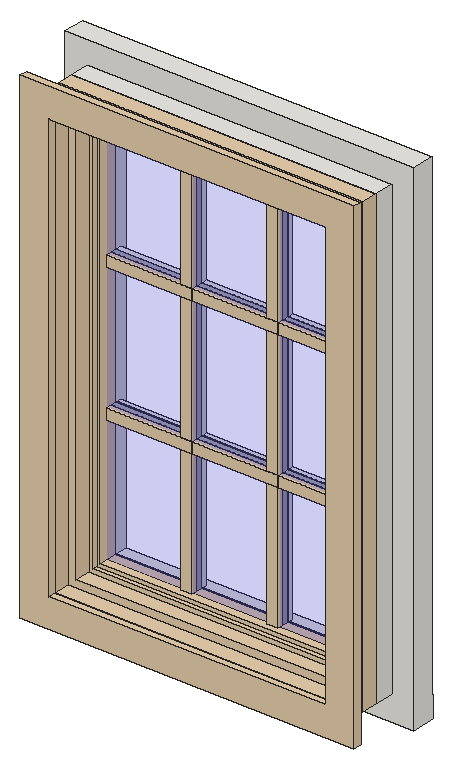
Revit family "Window-Casement_Fixed-Andersen-400_Series 2", category Windows, host Wall, Revit 2013
Parameters
  Visual Light Transmittance = 0.48  # constant formula
  Thermal Resistance (R) = 0.62871  # 3.5700 (h·ft²·°F)/BTU
  TFL = if(Fractional Lights High > 5, 3, if(or(Fractional Lights High = 4, Fractional Lights High = 5), 2, if(or(Fractional Lights High = 2, Fractional Lights High = 3), 1, 1)))  # 2
  TFB = TFL - 1  # 1
  Solar Heat Gain Coefficient = 0.21  # constant formula
  Learn About These Parameters = "http://www.andersenwindows.com/for-professionals/cad-symbols-bim-support-window-doors/bim-support"
  LWide = if(Enter Pattern Number = 3, 3, if(Enter Pattern Number = 1, . . Lights Wide, Fractional Lights Wide))  # 3
  Heat Transfer Coefficient (U) = 1.5899  # 0.2800 BTU/(h·ft²·°F)
  Glazing Material = Glass ‐ Andersen - Low-E4 SmartSun
  Fractional Lights Wide = 3
  Fractional Lights High = 5
  Exterior Unit Finish = Vinyl - Andersen - White
  Enter Jamb Condition = 1
  ..Jamb Condition Number 1 = "Extension Jamb Only"  # constant formula
  ..Jamb Condition Number 2 = "Narrow Drywall Return"  # constant formula
  ..Jamb Condition Number 3 = "Wide Drywall Return"  # constant formula
  Available Grille Bar Sizes = "3/4'', 7/8'', 1 1/8'', 2 1/4''"  # constant formula
  Between Glass Grille Bar Sizes = "3/4'', 1''"  # constant formula
  Interior Casing = yes
  Grille Bar Size = 0' - 0 7/8"
  Enter Pattern Number = 1
  ..Pattern Number 1 = "Colonial"  # constant formula
  . . Lights Wide = 3
  . . Lights High = 3
  ..Pattern Number 2 = "Modified Colonial"  # constant formula
  ..Pattern Number 3 = "Prairie"  # constant formula
  ..Pattern Number 4 = "Short Fractional"  # constant formula
  ..Pattern Number 5 = "Tall Fractional"  # constant formula
  Extension Jamb = yes
  Enter Exterior Trim Number = 1
  ..Exterior Trim Number 0 = "No Exterior Trim"  # constant formula
  ..Exterior Trim Number 1 = "Brick Mould"  # constant formula
  ..Exterior Trim Number 2 = "3 1/2'' Flat Casing"  # constant formula
  ..Exterior Trim Number 3 = "4 1/2'' Flat Casing"  # constant formula
  Interior Grille Bar = yes
  Exterior Grille Bar = yes
  Between Glass Grille Bar = yes
  xjamb Visibility [instance] = and(and(Enter Jamb Condition = 1, Wall Depth > 0' 2 7/8"), Extension Jamb)  # yes
  xjamb S1 [instance] = if(Wall Depth > 0' 3", Wall Depth - 0' 2 27/32", 0' 3")  # 0' - 1 23/32"
  sill nose1 = 0' - 1 13/16"  # constant formula
  sill nose 2 = 0' - 1 15/16"  # constant formula
  casingS2 = if(Enter Exterior Trim Number = 1, 0' 0 3/16", 0' 0 3/16")  # 0' - 0 3/16"
  casingS1 = if(Enter Exterior Trim Number = 1, 0' 0 7/16", 0' 0 3/16")  # 0' - 0 7/16"
  casing4 = if(Enter Exterior Trim Number = 1, 0' 1 3/4", if(Enter Exterior Trim Number = 2, 0' 3 1/4", 0' 4 1/4"))  # 0' - 1 3/4"
  casing3 = 0' - 0 1/2"  # constant formula
  casing2 = 0' - 0 7/8"  # constant formula
  casing1 = 0' - 0 1/4"  # constant formula
  Xjamb 2 = if(or(Enter Jamb Condition = 2, Enter Jamb Condition = 3), 0' 0 1/32", 0' 0 1/2")  # 0' - 0 1/2"
  Xjamb 1 = if(or(Enter Jamb Condition = 2, Enter Jamb Condition = 3), 0' 0 5/8", 0' 1 3/32")  # 0' - 1 3/32"
  Wall Thickness [instance] = 0' - 6"
  Wall Depth [instance] = 0' - 4 9/16"
  Void Offset 2 = if(Enter Exterior Trim Number > 0, 0' 1 15/16", 0' 0")  # 0' - 1 15/16"
  Void Offset 1 = if(Enter Exterior Trim Number > 0, casing4, 0' 0")  # 0' - 1 3/4"
  Void Depth [instance] = if(Wall Thickness > Wall Depth, 0' 1" + Wall Thickness - Wall Depth, 0' 1")  # 0' - 2 7/16"
  VeriLock Sensor [instance] = no
  VGB DLO = if(Enter Pattern Number = 3, 0' 4", (H DLO - (Grille Bar Size * (V Bars))) / if(LWide > 2, LWide, 3))  # 0' - 5.91667"
  V Bars = if(Enter Pattern Number = 3, 2, if(LWide > 2, LWide - 1, 2))  # 2
  URL = "www.andersenwindows.com"
  Type Comments = "Vinyl-clad wood casement picture window"
  TS V DLO = Height - HGO - SGO  # 2' - 7 1/2"
  TS V Bar Length = if(or(Enter Pattern Number = 5, Enter Pattern Number = 2), ((((Height - HGO - SGO - (Grille Bar Size * (Fractional Lights High - 1))) / Fractional Lights High)) * TFL) + (TFB * Grille Bar Size), if(Enter Pattern Number = 4, ((Height - HGO - SGO - (Grille Bar Size * (Fractional Lights High - 1))) / Fractional Lights High), Height - HGO - SGO))  # 2' - 7 1/2"
  TS SH DLO = if(or(Enter Pattern Number = 5, Enter Pattern Number = 2), ((((Height - HGO - SGO - (Grille Bar Size * (Fractional Lights High - 1))) / Fractional Lights High)) * TFL) + (TFB * Grille Bar Size) + HGO + (Grille Bar Size / 2), if(Enter Pattern Number = 4, TS V Bar Length + HGO + (Grille Bar Size / 2), (TS V DLO / 2) + HGO))  # 1' - 6"
  TS S V = or(and(LWide = 2, Enter Pattern Number = 1), and(Fractional Lights Wide = 2, or(or(Enter Pattern Number = 2, Enter Pattern Number = 4), Enter Pattern Number = 5)))  # no
  TS S H Craftsman = and(Enter Pattern Number = 2, or(Fractional Lights High = 4, Fractional Lights High = 5))  # no
  TS S H = or(or(or(and(. . Lights High = 2, Enter Pattern Number = 1), and(Enter Pattern Number = 4, Fractional Lights High > 1)), and(Enter Pattern Number = 5, Fractional Lights High > 1)), and(Enter Pattern Number = 2, Fractional Lights High > 1))  # no
  TS M V = LWide > 2  # yes
  TS M H = or(or(Enter Pattern Number = 3, and(. . Lights High > 2, Enter Pattern Number = 1)), and(Enter Pattern Number = 2, Fractional Lights High > 5))  # yes
  TS HGB DLO = if(Enter Pattern Number = 1, if(. . Lights High > 2, ((TS V Bar Length - (Grille Bar Size * (. . Lights High - 1))) / . . Lights High), 0' 4"), if(Enter Pattern Number = 3, 0' 4", if(Fractional Lights High > 2, ((TS V Bar Length - (Grille Bar Size * 2)) / 3), 0' 4")))  # 0' - 9.91667"
  TS H Bars = if(Enter Pattern Number = 3, 2, if(Enter Pattern Number = 1, if(. . Lights High > 2, . . Lights High - 1, 2), 2))  # 2
  Step Visibility = or(Enter Jamb Condition = 2, Enter Jamb Condition = 3)  # no
  Step Jamb2 = if(Enter Jamb Condition = 2, 0' 0 1/4", 0' 0 13/16")  # 0' - 0 13/16"
  Step Jamb1 = 0' - 1 1/8"  # constant formula
  Sill Stop Dim [instance] = 0' - 2 1/2"
  SGO = 0' - 2 1/4"  # constant formula
  Rough Width = Width + (Rough Opening Offset * 2)  # 2' - 0 1/2"
  Rough Opening Offset = 0' - 0 1/4"
  Rough Height = Height + (Rough Opening Offset * 2)  # 3' - 0 1/2"
  Push Out Stop Visibility [instance] = no
  Product Documentation Link = "http://www.andersenwindows.com/products/400-series-casement-window/"
  Plan Exterior Mask Visibility [instance] = Plan Exterior Mask 2 > 0' 0 1/32"  # no
  Plan Exterior Mask 2 [instance] = if(Enter Exterior Trim Number > 0, if(Wall Depth + 0' 1 1/16" + casingS1 > Wall Thickness, 0' 0 1/32", Wall Thickness - Wall Depth - 0' 1 1/16" - casingS1), if(Wall Depth + 0' 1 1/16" > Wall Thickness, 0' 0 1/32", Wall Thickness - Wall Depth - 0' 0 1/16"))  # 0' - 0 1/32"
  Plan Exterior Mask [instance] = if(Enter Exterior Trim Number > 0, 0' 1 1/16" + casingS1, 0' 1 1/16")  # 0' - 1 1/2"
  Nail Fin Visibility = Enter Exterior Trim Number = 0  # no
  Model = "400-Series Casement Picture"  # constant formula
  Masonry Width = if(Enter Exterior Trim Number > 0, Width + ((casing4 + Masonry Opening Offset) * 2), Width + (Masonry Opening Offset * 2))  # 2' - 4"
  Masonry Opening Offset = 0' - 0 1/4"
  Masonry Height = if(Enter Exterior Trim Number > 0, Height + (casing4 + Masonry Opening Offset) + (sill nose 2 + Masonry Opening Offset), Height + (Masonry Opening Offset * 2))  # 3' - 4 3/16"
  Manufacturer = "Andersen Corporation"  # constant formula
  JGO = 0' - 2 1/4"  # constant formula
  Interior Trim Visibility = and(Enter Jamb Condition = 1, Interior Casing)  # yes
  Interior Material = Wood - Andersen - Pine
  Interior Casing Size = 0' - 2 1/4"
  Horizontal Craftsman Bar Size = 0' - 0 7/8"
  Height = 3' - 0"
  Head Stop Dim [instance] = 0' - 2 17/64"
  HGO = 0' - 2 1/4"  # constant formula
  H DLO = Width - (JGO * 2)  # 1' - 7 1/2"
  Family Version = "06.01.14"  # constant formula
  Exterior Trim Finish = Fibrex Composite - Andersen - White
  Designation = "P"
  Description = "Vinyl-clad wood casement picture window"  # constant formula
  Default Sill Height = 6' 10 1/2" - Rough Height  # 3' - 10"
  Wall Closure = By host
  Width = 2' - 0"
  Crank Out Stop Visibility [instance] = yes
  Coarse Plan [instance] = if(Wall Depth < Wall Thickness, Wall Depth, Wall Thickness)  # 0' - 4 9/16"
  Casing Visibility = Enter Exterior Trim Number > 0  # yes
  Between Glass Grille Bar Finish = Stainless Steel - Andersen - Standard
  Bar Center Line = if(Enter Pattern Number = 3, 1, 2)  # 2
  Assembly Code = "B2020100"
Reference planes (in)
  plane 1 "Center (Front/Back)": y = 0
  plane 2: z = 0
  plane 3 "Center (Left/Right)": x = 0
  plane 4 "R Frame": x = -12
  plane 5 "L Frame": x = 12
  plane 6 "B Frame": z = 46.25
  plane 7 "T Frame": z = 82.25
  plane 8 "L Glazing": x = 9.75
  plane 9 "L Ext Frame": x = 11.4375
  plane 10 "L Stop": x = 10
  plane 11 "L Xjamb 1": x = 10.90625
  plane 12 "L Casing 1": x = 11.75
  plane 13 "L Xjamb 2": x = 11.5
  plane 14 "L Rough Opening": x = 12.25
  plane 15 "L Casing 2": x = 12.875
  plane 16 "L Casing 3": x = 13.25
  plane 17 "L Casing 4": x = 13.75
  plane 18 "R Glazing": x = -9.75
  plane 19 "R Ext Frame": x = -11.4375
  plane 20 "R Stop": x = -10
  plane 21 "R Xjamb 1": x = -10.90625
  plane 22 "R Casing 1": x = -11.75
  plane 23 "R Xjamb 2": x = -11.5
  plane 24 "R Rough Opening": x = -12.25
  plane 25 "R Casing 2": x = -12.875
  plane 26 "R Casing 3": x = -13.25
  plane 27 "R Casing 4": x = -13.75
  plane 28 "R Int Casing": x = -13.15625
  plane 29 "T Glazing": z = 80
  plane 30 "T Ext Frame": z = 81.68689
  plane 31 "T Xjamb 1": z = 81.125
  plane 32 "T Casing 1": z = 82
  plane 33 "T Xjamb 2": z = 81.75
  plane 34 "T Rough Opening": z = 82.5
  plane 35 "T Casing 2": z = 83.125
  plane 36 "T Casing 3": z = 83.5
  plane 37 "T Casing 4": z = 84
  plane 38 "T Int Casing": z = 83.375
  plane 39 "B Glazing": z = 48.5
  plane 40 "B Ext Frame": z = 46.81311
  plane 41 "B Xjamb 2": z = 46.75
  plane 42 "B Casing 1": z = 46.5
  plane 43 "B Casing 2": z = 44.3125
  plane 44 "B Int Casing": z = 45.125
  plane 45 "L Int Casing": x = 13.15625
  plane 46 "Casing S1": y = 3.312
  plane 47 "Casing S2": y = 3.062
  plane 48 "Frame S1": y = 2.8745
  plane 49 "Flange": y = 1.5625
  plane 50 "Glass1 S1": y = 1.5625
  plane 51 "Glass1 S2": y = 1.4375
  plane 52 "Glass1 S3": y = 0.8125
  plane 53 "Glass1 S4": y = 0.6875
  plane 54 "Sash1 S2": y = 0
  plane 55 "Frame S2": y = -1.2855
  plane 56 "B Xjamb 1": z = 47.375
  plane 57 "Exterior Offset": y = 4
  plane 58 "Interior Casing": y = -3.625
  plane 59 "Vertical Bar Length": z = 48.5
  plane 60 "B Rough Opening": z = 46
  plane 61 "R Masonry Opening": x = -14
  plane 62 "L Masonry Opening": x = 14
  plane 63 "T Masonry Opening": z = 84.25
  plane 64 "B Masonry Opening": z = 44.0625
  plane 65 "Xjamb S1": y = -1.28125
  plane 66 "Sash1 S1": y = 2.5625
  plane 67 "R Sash": x = -11.42
  plane 68 "L Sash": x = 11.42
  plane 69 "Stop S1": y = -1.6875
  plane 70 "T Sash": z = 81.5
  plane 71 "T Int Frame": z = 81.125
  plane 72 "B Int Frame": z = 47.375
  plane 73 "L Int Frame": x = 10.891
  plane 74 "R Int Frame": x = -10.891
  plane 75 "T Stop": z = 80.25
  plane 76 "B Stop": z = 48.25
Forms (in)
  Extrusion 1, void
    sketch origin (0, 0, 0) x (1, 0, 0) y (0, 0, 1)
      loop
        line (12, 82.25) -> (-12, 82.25) -> (-12, 46.25) -> (12, 46.25) -> (12, 82.25)
    from -1.5625 to 3
  Extrusion 2, void
    sketch origin (0, 0, 0) x (1, 0, 0) y (0, 0, 1)
      loop
        line (13.75, 84) -> (-13.75, 84) -> (-13.75, 44.3125) -> (13.75, 44.3125) -> (13.75, 84)
    from -15 to -1.5625
  Extrusion 3, solid, material "Wood - Andersen - Pine" <- "Interior Material", visible <- "xjamb Visibility", detail levels medium+fine
    sketch origin (0, -2.5625, 0) x (-1, 0, 0) y (0, 0, 1)
      loop
        line (11.5, 81.75) -> (-11.5, 81.75) -> (-11.5, 46.75) -> (11.5, 46.75) -> (11.5, 81.75)
      loop
        line (10.90625, 81.125) -> (-10.90625, 81.125) -> (-10.90625, 47.375) -> (10.90625, 47.375) -> (10.90625, 81.125)
    from 1.28125 to -0.4375
  Extrusion 4, solid, material "Wood - Andersen - Pine" <- "Interior Material", visible <- "Interior Trim Visibility", detail levels fine
    sketch origin (0, -3.625, 0) x (-1, 0, 0) y (0, 0, 1)
      loop
        line (13.15625, 83.375) -> (-13.15625, 83.375) -> (-13.15625, 45.125) -> (13.15625, 45.125) -> (13.15625, 83.375)
      loop
        line (10.90625, 81.125) -> (-10.90625, 81.125) -> (-10.90625, 47.375) -> (10.90625, 47.375) -> (10.90625, 81.125)
    from 0 to 0.625
  Extrusion 5, solid, material "Fibrex Composite - Andersen - White" <- "Exterior Trim Finish", visible <- "Casing Visibility", detail levels medium+fine
    sketch origin (0, 0, 0) x (0, 1, 0) y (0, 0, 1)
      loop
        line (2.31163, 46.25) -> (1.5625, 46.25) -> (1.5625, 44.3125) -> (3.375, 44.3125) -> (3.375, 46.0625) -> (2.31163, 46.25)
    from -13.75 to 13.75
  Sweep 6, solid, material "Fibrex Composite - Andersen - White" <- "Exterior Trim Finish", visible <- "Casing Visibility", detail levels medium+fine
    path origin (0, 1.5625, 0) x (-1, 0, 0) y (0, 0, 1)
      loop
        line (-13.75, 44.3125) -> (-13.75, 84) -> (13.75, 84) -> (13.75, 44.3125)
    profile origin (13.75, 1.5625, 64.15625) x (1, 0, 0) y (0, 1, 0)
      loop
        line (-0.875, 1.4995) -> (-2, 1.4995) -> (-2, 0) -> (0, 0) -> (0, 1.7495) -> (-0.5, 1.7495) -> (-0.875, 1.4995)
  Extrusion 7, solid, material "Fibrex Composite - Andersen - White" <- "Exterior Trim Finish", visible <- "Casing Visibility", detail levels coarse
    sketch origin (0, 1.5625, 0) x (-1, 0, 0) y (0, 0, 1)
      loop
        line (-13.75, 84) -> (-13.75, 44.3125) -> (13.75, 44.3125) -> (13.75, 84) -> (-13.75, 84)
      loop
        line (-11.75, 82) -> (-11.75, 46.25) -> (11.75, 46.25) -> (11.75, 82) -> (-11.75, 82)
    from 0 to 1.7495
  Extrusion 8, solid, material "Wood - Andersen - Pine" <- "Interior Material", detail levels medium+fine
    sketch origin (0, 0, 0) x (-1, 0, 0) y (0, 0, 1)
      loop
        line (11.42, 81.5) -> (-11.42, 81.5) -> (-11.42, 46.99975) -> (11.42, 46.99975) -> (11.42, 81.5)
      loop
        line (9.75, 80) -> (-9.75, 80) -> (-9.75, 48.5) -> (9.75, 48.5) -> (9.75, 80)
    from 0 to 1.5625
  Extrusion 9, solid, material "Vinyl - Andersen - White" <- "Exterior Unit Finish", detail levels medium+fine
    sketch origin (0, 80.71747, 0) x (-1, 0, 0) y (0, 0, 1)
      loop
        line (-9.75, 80) -> (-9.75, 48.5) -> (9.75, 48.5) -> (9.75, 80) -> (-9.75, 80)
      loop
        line (-11.42, 46.99975) -> (11.42, 46.99975) -> (11.42, 81.5) -> (-11.42, 81.5) -> (-11.42, 46.99975)
    from -78.15497 to -79.15497
  Extrusion 10, solid, material "Glass ‐ Andersen - Low-E4 SmartSun" <- "Glazing Material"
    sketch origin (0, 0.6875, 0) x (-1, 0, 0) y (0, 0, 1)
      loop
        line (-9.75, 80) -> (-9.75, 48.5) -> (9.75, 48.5) -> (9.75, 80) -> (-9.75, 80)
    from 0 to 0.875
  Extrusion 11, solid, material "Vinyl - Andersen - White" <- "Exterior Unit Finish", detail levels medium+fine
    sketch origin (0, 0, 0) x (1, 0, 0) y (0, 0, 1)
      loop
        line (12, 82.25) -> (-12, 82.25) -> (-12, 46.25) -> (12, 46.25) -> (12, 82.25)
      loop
        line (11.4375, 81.68689) -> (-11.4375, 81.68689) -> (-11.4375, 46.81311) -> (11.4375, 46.81311) -> (11.4375, 81.68689)
    from -2.8745 to 0
  Extrusion 12, solid, material "Wood - Andersen - Pine" <- "Interior Material", detail levels medium+fine
    sketch origin (0, 0, 0) x (1, 0, 0) y (0, 0, 1)
      loop
        line (12, 82.25) -> (-12, 82.25) -> (-12, 46.25) -> (12, 46.25) -> (12, 82.25)
      loop
        line (10.891, 81.125) -> (-10.891, 81.125) -> (-10.891, 47.375) -> (10.891, 47.375) -> (10.891, 81.125)
    from 0 to 1.2855
  Extrusion 13, solid, material "Wood - Andersen - Pine" <- "Interior Material", detail levels medium+fine
    sketch origin (0, 0, 0) x (1, 0, 0) y (0, 1, 0)
      loop
        line (-10.891, -1.6875) -> (-10.3125, -1.6875) -> (-10.3125, -0.4375) -> (-10, -0.4375) -> (-10, 0) -> (-10.891, 0) -> (-10.891, -1.6875)
      loop
        line (10.891, -1.6875) -> (10.891, 0) -> (10, 0) -> (10, -0.4375) -> (10.3125, -0.4375) -> (10.3125, -1.6875) -> (10.891, -1.6875)
    from 47.375 to 81.125
  Sweep 14, solid, material "Wood - Andersen - Pine" <- "Interior Material", visible <- "Step Visibility", detail levels medium+fine
    path origin (0, 1.5625, 0) x (-1, 0, 0) y (0, 0, 1)
      loop
        line (12, 46.25) -> (12, 82.25) -> (-12, 82.25) -> (-12, 46.25) -> (12, 46.25)
    profile origin (-12, 1.5625, 64.25) x (1, 0, 0) y (0, 1, 0)
      loop
        line (0, -2.848) -> (0, -3.6605) -> (1.09375, -3.6605) -> (1.09375, -2.848) -> (0, -2.848)
  Extrusion 15, solid, material "Wood - Andersen - Pine" <- "Interior Material", detail levels medium+fine
    sketch origin (0, 0, 0) x (0, 1, 0) y (0, 0, 1)
      loop
        line (-1.6875, 81.125) -> (-1.6875, 80.5625) -> (-0.4375, 80.5625) -> (-0.4375, 80.25) -> (0, 80.25) -> (0, 81.125) -> (-1.6875, 81.125)
      loop
        line (-0.4375, 48.25) -> (-0.4375, 47.9375) -> (-1.6875, 47.9375) -> (-1.6875, 47.375) -> (0, 47.375) -> (0, 48.25) -> (-0.4375, 48.25)
    from -10.891 to 10.891
  Sweep 16, solid, material "Vinyl - Andersen - White" <- "Exterior Unit Finish", detail levels coarse
    path origin (0, 1.5625, 0) x (-1, 0, 0) y (0, 0, 1)
      loop
        line (-12, 82.25) -> (-12, 46.25) -> (12, 46.25) -> (12, 82.25) -> (-12, 82.25)
    profile origin (12, 1.5625, 64.25) x (0, 1, 0) y (-1, 0, 0)
      loop
        line (0, 2.25) -> (0, 0) -> (1.312, 0) -> (1.312, 0.5625) -> (1, 0.5625) -> (1, 2.25) -> (0, 2.25)
  Sweep 17, solid, material "Wood - Andersen - Pine" <- "Interior Material", detail levels coarse
    path origin (0, 1.5625, 0) x (-1, 0, 0) y (0, 0, 1)
      loop
        line (-12, 82.25) -> (-12, 46.25) -> (12, 46.25) -> (12, 82.25) -> (-12, 82.25)
    profile origin (12, 1.5625, 64.25) x (0, 1, 0) y (-1, 0, 0)
      loop
        line (0, 2.25) -> (-1.5625, 2.25) -> (-1.5625, 2) -> (-2.848, 2) -> (-2.848, 0) -> (0, 0) -> (0, 2.25)
Cuts and joins
  joined: Extrusion 5, Sweep 6
  joined: Extrusion 13, Extrusion 15
Lines and regions (in)
  Masking region 1, detail levels medium+fine
    outline origin (0, 0, 46.25) x (0, -1, 0) y (1, 0, 0)
      loop
        line (-2.8745, -12) -> (1.2855, -12) -> (1.2855, -10.891) -> (1.6875, -10.891) -> (1.6875, 10.891) -> (1.2855, 10.891) -> (1.2855, 12) -> (-2.8745, 12) -> (-2.8745, -12)
  Masking region 2, visible <- "Casing Visibility", detail levels medium+fine
    outline origin (0, 0, 46.25) x (0, -1, 0) y (1, 0, 0)
      loop
        line (-2.8745, -12) -> (-2.8745, 12) -> (-1.5625, 12) -> (-1.5625, 13.75) -> (-3.312, 13.75) -> (-3.312, -13.75) -> (-1.5625, -13.75) -> (-1.5625, -12) -> (-2.8745, -12)
  Masking region 3, visible <- "Nail Fin Visibility", detail levels coarse
    outline origin (0, 0, 46.25) x (0, -1, 0) y (1, 0, 0)
      loop
        line (-4, -12) -> (3, -12) -> (3, 12) -> (-4, 12) -> (-4, -12)
  Masking region 4
    outline origin (0, 0, 0) x (0, 1, 0) y (0, 0, 1)
      loop
        line (2.8745, 82.25) -> (-1.2855, 82.25) -> (-1.2855, 81.125) -> (-1.6875, 81.125) -> (-1.6875, 47.375) -> (-1.2855, 47.375) -> (-1.2855, 46.25) -> (2.8745, 46.25) -> (2.8745, 82.25)
  Masking region 5, visible <- "Casing Visibility"
    outline origin (0, 0, 0) x (0, 1, 0) y (0, 0, 1)
      loop
        line (2.8745, 46.15075) -> (2.8745, 46.25) -> (1.5625, 46.25) -> (1.5625, 44.3125) -> (3.375, 44.3125) -> (3.375, 46.0625) -> (2.8745, 46.15075)
  Masking region 6, visible <- "Casing Visibility"
    outline origin (0, 0, 0) x (0, 1, 0) y (0, 0, 1)
      loop
        line (2.8745, 82.25) -> (2.8745, 46.15075) -> (3.312, 46.07361) -> (3.312, 84) -> (1.5625, 84) -> (1.5625, 82.25) -> (2.8745, 82.25)
  Masking region 7, visible <- "Casing Visibility"
    outline origin (0, 2.8745, 0) x (-1, 0, 0) y (0, 0, 1)
      loop
        line (-13.75, 84) -> (-13.75, 44.3125) -> (13.75, 44.3125) -> (13.75, 84) -> (-13.75, 84)
  Masking region 8
    outline origin (0, 2.8745, 0) x (-1, 0, 0) y (0, 0, 1)
      loop
        line (-12, 82.25) -> (-12, 46.25) -> (12, 46.25) -> (12, 82.25) -> (-12, 82.25)
  Masking region 9
    outline origin (0, -1.2855, 0) x (-1, 0, 0) y (0, 0, 1)
      loop
        line (12, 82.25) -> (-12, 82.25) -> (-12, 46.25) -> (12, 46.25) -> (12, 82.25)
  Masking region 10, visible <- "Interior Trim Visibility", detail levels fine
    outline origin (0, -3.625, 0) x (-1, 0, 0) y (0, 0, 1)
      loop
        line (13.15625, 83.375) -> (-13.15625, 83.375) -> (-13.15625, 45.125) -> (13.15625, 45.125) -> (13.15625, 83.375)
      loop
        line (10.90625, 81.125) -> (-10.90625, 81.125) -> (-10.90625, 47.375) -> (10.90625, 47.375) -> (10.90625, 81.125)
  Masking region 11, visible <- "Casing Visibility", detail levels coarse
    outline origin (0, 0, 46.25) x (0, -1, 0) y (1, 0, 0)
      loop
        line (-4, -13.75) -> (-1.5625, -13.75) -> (-1.5625, -12) -> (3, -12) -> (3, 12) -> (-1.5625, 12) -> (-1.5625, 13.75) -> (-4, 13.75) -> (-4, -13.75)
  Masking region 12, visible <- "Step Visibility", detail levels medium+fine
    outline origin (0, 0, 0) x (0, 1, 0) y (0, 0, 1)
      loop
        line (-1.28125, 82.25) -> (-2.098, 82.25) -> (-2.098, 46.25) -> (-1.28125, 46.25) -> (-1.28125, 47.375) -> (-1.6875, 47.375) -> (-1.6875, 81.125) -> (-1.28125, 81.125) -> (-1.28125, 82.25)
  Masking region 13, visible <- "xjamb Visibility", detail levels medium+fine
    outline origin (0, 0, 0) x (0, 1, 0) y (0, 0, 1)
      loop
        line (-1.28125, 81.75) -> (-3, 81.75) -> (-3, 46.75) -> (-1.28125, 46.75) -> (-1.28125, 47.375) -> (-1.6875, 47.375) -> (-1.6875, 81.125) -> (-1.28125, 81.125) -> (-1.28125, 81.75)
  Masking region 14, visible <- "Interior Trim Visibility", detail levels fine
    outline origin (0, 0, 0) x (0, 1, 0) y (0, 0, 1)
      loop
        line (-3, 83.375) -> (-3.625, 83.375) -> (-3.625, 45.125) -> (-3, 45.125) -> (-3, 83.375)
  Masking region 15, visible <- "Step Visibility", detail levels medium+fine
    outline origin (0, 0, 46.25) x (0, -1, 0) y (1, 0, 0)
      loop
        line (1.28125, -12) -> (2.098, -12) -> (2.098, 12) -> (1.28125, 12) -> (1.28125, 10.891) -> (1.6875, 10.891) -> (1.6875, -10.891) -> (1.28125, -10.891) -> (1.28125, -12)
  Masking region 16, visible <- "xjamb Visibility", detail levels medium+fine
    outline origin (0, 0, 46.25) x (0, -1, 0) y (1, 0, 0)
      loop
        line (1.28125, -11.5) -> (3, -11.5) -> (3, 11.5) -> (1.28125, 11.5) -> (1.28125, 10.891) -> (1.6875, 10.891) -> (1.6875, -10.891) -> (1.28125, -10.891) -> (1.28125, -11.5)
  Masking region 17, visible <- "Interior Trim Visibility", detail levels fine
    outline origin (0, 0, 46.25) x (0, -1, 0) y (1, 0, 0)
      loop
        line (3, -13.15625) -> (3.625, -13.15625) -> (3.625, 13.15625) -> (3, 13.15625) -> (3, -13.15625)
  symbolic lines, style "WindowsFrameMullionProjection", visible <- "Casing Visibility", detail levels fine
    curve 1: line (13.25, 3.312, 46.25) -> (12.875, 3.062, 46.25)
    curve 2: line (12.875, 3.062, 46.25) -> (11.75, 3.062, 46.25)
    curve 3: line (-13.25, 3.312, 46.25) -> (-12.875, 3.062, 46.25)
    curve 4: line (-12.875, 3.062, 46.25) -> (-11.75, 3.062, 46.25)
    curve 5: line (-11.75, 3.062, 46.25) -> (-11.75, 2.8745, 46.25)
    curve 224: line (11.75, 3.062, 46.25) -> (11.75, 2.8745, 46.25)
  symbolic lines, style "WindowsGlassProjection", detail levels medium+fine
    curve 6: line (-9.75, 1.5625, 46.25) -> (9.75, 1.5625, 46.25)
    curve 9: line (-9.75, 0.6875, 46.25) -> (9.75, 0.6875, 46.25)
  symbolic lines, style "WindowsGlassProjection", detail levels fine
    curve 7: line (-9.75, 1.4375, 46.25) -> (9.75, 1.4375, 46.25)
    curve 8: line (-9.75, 0.8125, 46.25) -> (9.75, 0.8125, 46.25)
    curve 20: line (0, 1.4375, 80) -> (0, 1.4375, 48.5)
    curve 21: line (0, 0.8125, 80) -> (0, 0.8125, 48.5)
    curve 53: line (-9.75, 1.4375, 0) -> (-10.625, 1.4375, 0)
    curve 54: line (-9.75, 0.8125, 0) -> (-10.625, 0.8125, 0)
    curve 55: line (-9.875, 0.8125, 0) -> (-9.875, 1.4375, 0)
    curve 67: line (9.75, 1.4375, 0) -> (10.625, 1.4375, 0)
    curve 68: line (9.75, 0.8125, 0) -> (10.625, 0.8125, 0)
    curve 69: line (9.875, 0.8125, 0) -> (9.875, 1.4375, 0)
    curve 79: line (0, 1.4375, 80.89) -> (0, 1.4375, 80)
    curve 80: line (0, 0.8125, 80.89) -> (0, 0.8125, 80)
    curve 81: line (0, 1.4375, 80.125) -> (0, 0.8125, 80.125)
    curve 212: line (0, 1.4375, 47.61) -> (0, 1.4375, 48.5)
    curve 213: line (0, 0.8125, 47.61) -> (0, 0.8125, 48.5)
    curve 214: line (0, 1.4375, 48.375) -> (0, 0.8125, 48.375)
  symbolic lines, style "WindowsFrameMullionProjection", detail levels medium
    curve 10: line (-9.75, 2.8745, 46.25) -> (-9.75, -1.6875, 46.25)
    curve 11: line (9.75, 2.8745, 46.25) -> (9.75, -1.6875, 46.25)
  symbolic lines, style "WindowsFrameMullionProjection", detail levels coarse
    curve 12: line (-9.75, -3, 46.25) -> (-9.75, 4, 46.25)
    curve 13: line (9.75, -3, 46.25) -> (9.75, 4, 46.25)
  symbolic lines, style "WindowsGlassProjection", detail levels coarse
    curve 14: line (-9.75, 0, 46.25) -> (9.75, 0, 46.25)
    curve 15: line (-9.75, 1, 46.25) -> (9.75, 1, 46.25)
  symbolic lines, style "WindowsFrameMullionProjection", visible <- "Casing Visibility"
    curve 16: line (0, 3.312, 83.5) -> (0, 3.062, 83.125)
    curve 17: line (0, 3.062, 83.125) -> (0, 3.062, 82)
    curve 18: line (0, 3.062, 82) -> (0, 2.8745, 82)
    curve 132: line (-13.75, 3.312, 46.25) -> (-13.75, 1.5625, 46.25)
    curve 134: line (13.75, 3.312, 46.25) -> (13.75, 1.5625, 46.25)
    curve 136: line (0, 3.312, 84) -> (0, 1.5625, 84)
    curve 138: line (0, 3.312, 44.3125) -> (0, 1.5625, 44.3125)
  symbolic lines, style "WindowsGlassProjection"
    curve 19: line (0, 1.5625, 80) -> (0, 1.5625, 48.5)
    curve 22: line (0, 0.6875, 80) -> (0, 0.6875, 48.5)
  symbolic lines, style "WindowsFrameMullionProjection", detail levels medium+fine
    curve 23: line (11.42, 2.8745, 81.5) -> (-11.42, 2.8745, 81.5)
    curve 24: line (11.42, 2.8745, 46.99975) -> (11.42, 2.8745, 81.5)
    curve 25: line (-11.42, 2.8745, 46.99975) -> (11.42, 2.8745, 46.99975)
    curve 26: line (-11.42, 2.8745, 81.5) -> (-11.42, 2.8745, 46.99975)
    curve 31: line (-10, -1.2855, 80.25) -> (10, -1.2855, 80.25)
    curve 32: line (-10, -1.2855, 48.5) -> (-10, -1.2855, 80.25)
    curve 33: line (10, -1.2855, 48.5) -> (-10, -1.2855, 48.5)
    curve 34: line (10, -1.2855, 80.25) -> (10, -1.2855, 48.5)
    curve 86: line (-10.891, -1.2855, 81.125) -> (10.891, -1.2855, 81.125)
    curve 87: line (-10.891, -1.2855, 47.375) -> (-10.891, -1.2855, 81.125)
    curve 88: line (10.891, -1.2855, 47.375) -> (-10.891, -1.2855, 47.375)
    curve 89: line (10.891, -1.2855, 81.125) -> (10.891, -1.2855, 47.375)
  symbolic lines, style "WindowsFrameMullionProjection"
    curve 27: line (9.75, 0, 80) -> (-9.75, 0, 80)
    curve 28: line (9.75, 0, 48.5) -> (9.75, 0, 80)
    curve 29: line (-9.75, 0, 80) -> (-9.75, 0, 48.5)
    curve 30: line (-9.75, 0, 48.5) -> (9.75, 0, 48.5)
    curve 70: line (0, 2.4375, 81.6875) -> (0, 2.8745, 81.6875)
    curve 71: line (0, -1.2855, 81.125) -> (0, -1.0925, 81.125)
    curve 72: line (0, 0, 80.25) -> (0, -0.4375, 80.25)
    curve 73: line (0, 0, 80.89) -> (0, 0, 80.11677)
    curve 74: line (0, 0.6875, 80) -> (0, 0.6875, 80.89)
    curve 75: line (0, 2.5625, 80.625) -> (0, 2.5625, 81.625)
    curve 76: line (0, 2.5625, 81.625) -> (0, 2.4375, 81.625)
    curve 77: line (0, 2.4375, 81.6875) -> (0, 2.4375, 81.625)
    curve 78: line (0, 0.6875, 80) -> (0, 0, 80.11677)
    curve 82: line (0, 2.1875, 80.55427) -> (0, 2.1875, 80.11677)
    curve 83: line (0, 2.1875, 80.11677) -> (0, 1.5625, 80)
    curve 84: line (0, 1.5625, 80) -> (0, 1.5625, 80.89)
    curve 127: line (0, 2.5625, 80.625) -> (0, 2.1875, 80.55427)
    curve 128: line (0, 1.5625, 80.89) -> (0, -1.0925, 80.89)
    curve 129: line (0, -1.0925, 81.125) -> (0, -1.0925, 80.89)
    curve 130: line (0, -0.4375, 80.5625) -> (0, -0.4375, 80.25)
    curve 131: line (0, -0.4375, 80.5625) -> (0, -1.6875, 80.5625)
    curve 133: line (-12, 1.5625, 46.25) -> (-12, -1.2855, 46.25)
    curve 135: line (12, 1.5625, 46.25) -> (12, -1.2855, 46.25)
    curve 137: line (0, 2.8745, 82.25) -> (0, -1.2855, 82.25)
    curve 139: line (0, 2.8745, 46.25) -> (0, -1.2855, 46.25)
    curve 203: line (0, 2.4375, 46.8125) -> (0, 2.8745, 46.8125)
    curve 204: line (0, -1.2855, 47.375) -> (0, -1.0925, 47.375)
    curve 205: line (0, 0, 48.25) -> (0, -0.4375, 48.25)
    curve 206: line (0, 0, 47.61) -> (0, 0, 48.38323)
    curve 207: line (0, 0.6875, 48.5) -> (0, 0.6875, 47.61)
    curve 208: line (0, 2.5625, 47.875) -> (0, 2.5625, 46.875)
    curve 209: line (0, 2.5625, 46.875) -> (0, 2.4375, 46.875)
    curve 210: line (0, 2.4375, 46.8125) -> (0, 2.4375, 46.875)
    curve 211: line (0, 0.6875, 48.5) -> (0, 0, 48.38323)
    curve 215: line (0, 2.1875, 47.94573) -> (0, 2.1875, 48.38323)
    curve 216: line (0, 2.1875, 48.38323) -> (0, 1.5625, 48.5)
    curve 217: line (0, 1.5625, 48.5) -> (0, 1.5625, 47.61)
    curve 219: line (0, 2.5625, 47.875) -> (0, 2.1875, 47.94573)
    curve 220: line (0, 1.5625, 47.61) -> (0, -1.0925, 47.61)
    curve 221: line (0, -1.0925, 47.375) -> (0, -1.0925, 47.61)
    curve 222: line (0, -0.4375, 47.9375) -> (0, -0.4375, 48.25)
    curve 223: line (0, -0.4375, 47.9375) -> (0, -1.6875, 47.9375)
  symbolic lines, style "WindowsFrameMullionProjection", visible <- "Casing Visibility", detail levels medium
    curve 35: line (-12, 2.8745, 46.25) -> (-12, 3.312, 46.25)
    curve 36: line (12, 3.312, 46.25) -> (12, 2.8745, 46.25)
  symbolic lines, style "WindowsFrameMullionProjection", visible <- "Nail Fin Visibility", detail levels medium+fine
    curve 37: line (-12, 1.5625, 0) -> (-13.5, 1.5625, 0)
    curve 59: line (12, 1.5625, 0) -> (13.5, 1.5625, 0)
  symbolic lines, style "WindowsFrameMullionProjection", detail levels fine
    curve 38: line (-10, 0, 0) -> (-10, -0.4375, 0)
    curve 39: line (-11.3575, 2.4375, 0) -> (-11.3575, 2.5625, 0)
    curve 40: line (-11.3575, 2.5625, 0) -> (-10.30567, 2.5625, 0)
    curve 41: line (-9.75, 1.5625, 0) -> (-10.625, 1.5625, 0)
    curve 42: line (-9.75, 0.6875, 0) -> (-10.625, 0.6875, 0)
    curve 43: line (-9.81277, 0, 0) -> (-9.75, 0.6875, 0)
    curve 51: line (-9.81277, 2.1875, 0) -> (-9.75, 1.5625, 0)
    curve 60: line (10, 0, 0) -> (10, -0.4375, 0)
    curve 61: line (11.3575, 2.4375, 0) -> (11.3575, 2.5625, 0)
    curve 62: line (11.3575, 2.5625, 0) -> (10.30567, 2.5625, 0)
    curve 63: line (9.75, 1.5625, 0) -> (10.625, 1.5625, 0)
    curve 64: line (9.75, 0.6875, 0) -> (10.625, 0.6875, 0)
    curve 65: line (9.81277, 0, 0) -> (9.75, 0.6875, 0)
    curve 66: line (9.81277, 2.1875, 0) -> (9.75, 1.5625, 0)
    curve 90: line (-10, -0.4375, 0) -> (-10.3125, -0.4375, 0)
    curve 91: line (-10.3125, -0.4375, 0) -> (-10.3125, -1.6875, 0)
    curve 94: line (10, -0.4375, 0) -> (10.3125, -0.4375, 0)
    curve 95: line (10.3125, -0.4375, 0) -> (10.3125, -1.6875, 0)
    curve 109: line (-11.3575, 2.4375, 0) -> (-11.4375, 2.4375, 0)
    curve 110: line (-10.25253, 2.1875, 0) -> (-9.81277, 2.1875, 0)
    curve 111: line (-10.625, 0, 0) -> (-9.81277, 0, 0)
    curve 112: line (-10.625, -1.09375, 0) -> (-10.891, -1.09375, 0)
    curve 117: line (11.3575, 2.4375, 0) -> (11.4375, 2.4375, 0)
    curve 118: line (10.25253, 2.1875, 0) -> (9.81277, 2.1875, 0)
    curve 119: line (10.625, 0, 0) -> (9.81277, 0, 0)
    curve 120: line (10.625, -1.09375, 0) -> (10.891, -1.09375, 0)
    curve 121: line (-11.4375, 2.4375, 0) -> (-11.4375, 2.8745, 0)
    curve 123: line (11.4375, 2.4375, 0) -> (11.4375, 2.8745, 0)
    curve 124: line (-10.30567, 2.5625, 0) -> (-10.25253, 2.1875, 0)
    curve 126: line (10.30567, 2.5625, 0) -> (10.25253, 2.1875, 0)
    curve 197: line (-10.625, 1.5625, 0) -> (-10.625, -1.09375, 0)
    curve 199: line (10.625, 1.5625, 0) -> (10.625, -1.09375, 0)
    curve 200: line (-10.891, -1.09375, 0) -> (-10.891, -1.2855, 0)
    curve 202: line (10.891, -1.09375, 0) -> (10.891, -1.2855, 0)
  symbolic lines, style "WindowsFrameMullionProjection", visible <- "Nail Fin Visibility", not visible, detail levels medium+fine
    curve 44: line (-35.18862, 120.69666, 0) -> (-36.68862, 120.69666, 0)
  symbolic lines, style "WindowsFrameMullionProjection", not visible, detail levels fine
    curve 45: line (-33.18862, 119.13416, 0) -> (-33.18862, 118.69666, 0)
    curve 46: line (-34.54612, 121.57166, 0) -> (-34.54612, 121.69666, 0)
    curve 47: line (-34.54612, 121.69666, 0) -> (-33.49429, 121.69666, 0)
    curve 48: line (-32.93862, 120.69666, 0) -> (-33.81362, 120.69666, 0)
    curve 49: line (-32.93862, 119.82166, 0) -> (-33.81362, 119.82166, 0)
    curve 50: line (-33.00138, 119.13416, 0) -> (-32.93862, 119.82166, 0)
    curve 52: line (-33.00138, 121.32166, 0) -> (-32.93862, 120.69666, 0)
    curve 92: line (-33.18862, 118.69666, 0) -> (-33.50112, 118.69666, 0)
    curve 93: line (-33.50112, 118.69666, 0) -> (-33.50112, 117.44666, 0)
    curve 113: line (-34.54612, 121.57166, 0) -> (-34.62612, 121.57166, 0)
    curve 114: line (-33.44115, 121.32166, 0) -> (-33.00138, 121.32166, 0)
    curve 115: line (-33.81362, 119.13416, 0) -> (-33.00138, 119.13416, 0)
    curve 116: line (-33.81362, 118.04041, 0) -> (-34.07962, 118.04041, 0)
    curve 122: line (-34.62612, 121.57166, 0) -> (-34.62612, 122.00866, 0)
    curve 125: line (-33.49429, 121.69666, 0) -> (-33.44115, 121.32166, 0)
    curve 198: line (-33.81362, 120.69666, 0) -> (-33.81362, 118.04041, 0)
    curve 201: line (-34.07962, 118.04041, 0) -> (-34.07962, 117.84866, 0)
  symbolic lines, style "WindowsGlassProjection", not visible, detail levels fine
    curve 56: line (-32.93862, 120.57166, 0) -> (-33.81362, 120.57166, 0)
    curve 57: line (-32.93862, 119.94666, 0) -> (-33.81362, 119.94666, 0)
    curve 58: line (-33.06362, 119.94666, 0) -> (-33.06362, 120.57166, 0)
    curve 153: line (0, 1.8145, 48.011) -> (0, 1.8145, 48.5)
    curve 154: line (0, 1.3805, 48.011) -> (0, 1.3805, 48.5)
    curve 155: line (0, 1.8145, 48.36456) -> (0, 1.3805, 48.36456)
    curve 185: line (0, 1.4375, 80.89) -> (0, 1.4375, 80)
    curve 186: line (0, 0.8125, 80.89) -> (0, 0.8125, 80)
    curve 187: line (0, 1.4375, 80.125) -> (0, 0.8125, 80.125)
  symbolic lines, style "WindowsFrameMullionProjection", visible <- "Nail Fin Visibility"
    curve 85: line (0, 1.5625, 83.875) -> (0, 1.5625, 82.25)
    curve 218: line (0, 1.5625, 44.625) -> (0, 1.5625, 46.25)
  symbolic lines, style "InvisibleLines", detail levels coarse
    curve 96: line (-12, -3, 0) -> (12, -3, 0)
  symbolic lines, style "WindowsFrameMullionProjection", visible <- "Step Visibility", detail levels medium+fine
    curve 97: line (0, -1.28125, 81.125) -> (0, -2.098, 81.125)
    curve 100: line (0, -1.28125, 47.375) -> (0, -2.098, 47.375)
    curve 103: line (-10.891, -1.28125, 46.25) -> (-10.891, -2.098, 46.25)
    curve 106: line (10.891, -1.28125, 46.25) -> (10.891, -2.098, 46.25)
  symbolic lines, style "WindowsFrameMullionProjection", visible <- "xjamb Visibility", detail levels medium+fine
    curve 98: line (0, -1.28125, 81.125) -> (0, -3, 81.125)
    curve 101: line (0, -1.28125, 47.375) -> (0, -3, 47.375)
    curve 104: line (-10.90625, -1.28125, 46.25) -> (-10.90625, -3, 46.25)
    curve 107: line (10.90625, -1.28125, 46.25) -> (10.90625, -3, 46.25)
  symbolic lines, style "WindowsFrameMullionProjection", visible <- "Interior Trim Visibility", detail levels fine
    curve 99: line (0, -3, 81.125) -> (0, -3.625, 81.125)
    curve 102: line (0, -3, 47.375) -> (0, -3.625, 47.375)
    curve 105: line (-10.90625, -3, 46.25) -> (-10.90625, -3.625, 46.25)
    curve 108: line (10.90625, -3, 46.25) -> (10.90625, -3.625, 46.25)
  symbolic lines, style "WindowsFrameMullionProjection", visible <- "Nail Fin Visibility", not visible
    curve 140: line (0, 1.5625, 46.25) -> (0, 1.5625, 44.625)
    curve 191: line (0, 1.5625, 83.875) -> (0, 1.5625, 82.25)
  symbolic lines, style "WindowsFrameMullionProjection", not visible
    curve 141: line (0, 1.1115, 46.778) -> (0, 2.63553, 46.778)
    curve 142: line (0, 1.1115, 47.485) -> (0, 1.1115, 46.778)
    curve 143: line (0, -1.4375, 47.235) -> (0, -1.0925, 47.235)
    curve 144: line (0, -1.00544, 48.673) -> (0, -1.00544, 48.26216)
    curve 145: line (0, 2.0625, 47.311) -> (0, 1.2185, 47.311)
    curve 146: line (0, 0.5625, 47.702) -> (0, 0.5625, 48.47)
    curve 147: line (0, 1.2845, 48.011) -> (0, 2.2815, 48.011)
    curve 148: line (0, 1.2845, 48.5) -> (0, 1.2845, 48.011)
    curve 149: line (0, 2.5625, 47.958) -> (0, 2.5625, 46.874)
    curve 150: line (0, 2.5625, 46.874) -> (0, 2.3755, 46.874)
    curve 151: line (0, 2.0625, 47.03) -> (0, 2.0625, 47.311)
    curve 152: line (0, 1.2845, 48.5) -> (0, 0.5625, 48.375)
    curve 156: line (0, 2.2815, 48.011) -> (0, 2.2815, 48.24355)
    curve 157: line (0, 2.2815, 48.24355) -> (0, 1.9105, 48.4938)
    curve 158: line (0, 1.9105, 48.4938) -> (0, 1.9105, 48.011)
    curve 159: line (0, 2.5625, 47.958) -> (0, 2.2815, 48.011)
    curve 160: line (0, 2.3755, 46.874) -> (0, 2.0625, 47.03)
    curve 161: line (0, 1.2185, 47.311) -> (0, 1.2185, 47.5732)
    curve 162: line (0, 1.2185, 47.5732) -> (0, 0.5625, 47.702)
    curve 163: line (0, 2.63553, 46.68811) -> (0, 2.8745, 46.68811)
    curve 164: line (0, 2.63553, 46.68811) -> (0, 2.63553, 46.778)
    curve 165: line (0, 1.1115, 47.485) -> (0, -1.0925, 47.485)
    curve 166: line (0, -1.0925, 47.235) -> (0, -1.0925, 47.485)
    curve 167: line (0, -1.2885, 47.922) -> (0, -1.00544, 48.26216)
    curve 168: line (0, -1.2885, 47.922) -> (0, -1.4375, 47.922)
    curve 169: line (0, -1.00544, 48.673) -> (0, -0.4375, 48.673)
    curve 170: line (0, -0.4375, 48.673) -> (0, -0.4375, 48.75)
    curve 171: line (0, 0.2955, 48.75) -> (0, -0.4375, 48.75)
    curve 172: line (0, 0.5625, 48.47) -> (0, 0.2955, 48.75)
    curve 173: line (0, 0.5625, 48.377) -> (0, -0.4845, 48.377)
    curve 174: line (0, -0.7345, 48.189) -> (0, -0.7345, 47.485)
    curve 175: line (0, -0.7345, 48.189) -> (0, -0.4845, 48.377)
    curve 176: line (0, 2.4375, 81.6875) -> (0, 2.8745, 81.6875)
    curve 177: line (0, -1.2855, 81.125) -> (0, -1.0925, 81.125)
    curve 178: line (0, 0, 80.25) -> (0, -0.4375, 80.25)
    curve 179: line (0, 0, 80.89) -> (0, 0, 80.11677)
    curve 180: line (0, 0.6875, 80) -> (0, 0.6875, 80.89)
    curve 181: line (0, 2.5625, 80.625) -> (0, 2.5625, 81.625)
    curve 182: line (0, 2.5625, 81.625) -> (0, 2.4375, 81.625)
    curve 183: line (0, 2.4375, 81.6875) -> (0, 2.4375, 81.625)
    curve 184: line (0, 0.6875, 80) -> (0, 0, 80.11677)
    curve 188: line (0, 2.1875, 80.55427) -> (0, 2.1875, 80.11677)
    curve 189: line (0, 2.1875, 80.11677) -> (0, 1.5625, 80)
    curve 190: line (0, 1.5625, 80) -> (0, 1.5625, 80.89)
    curve 192: line (0, 2.5625, 80.625) -> (0, 2.1875, 80.55427)
    curve 193: line (0, 1.5625, 80.89) -> (0, -1.0925, 80.89)
    curve 194: line (0, -1.0925, 81.125) -> (0, -1.0925, 80.89)
    curve 195: line (0, -0.4375, 80.5625) -> (0, -0.4375, 80.25)
    curve 196: line (0, -0.4375, 80.5625) -> (0, -1.6875, 80.5625)
Text (in)
  text "EXTERIOR" at (-58.6888, 50.90694, 0), in view "Ref. Level"
  text "INTERIOR" at (-58.6888, -37.76638, 0), in view "Ref. Level"
  text "Exterior" at (0, 43.65631, 123.19604), in view "Left"
  text "Exterior" at (0, 18.29385, 125.04747), in view "Right"
Dimensions and locks (in)
  equal spacing: plane 4 "R Frame", plane 3 "Center (Left/Right)", plane 5 "L Frame"
  "Width": plane 4 "R Frame" to plane 5 "L Frame"
  "Height": plane 6 "B Frame" to plane 7 "T Frame"
  locked: plane 48 "Frame S1" to plane 49 "Flange" at 1.312
  locked: plane 49 "Flange" to plane 51 "Glass1 S2" at 0.125
  locked: plane 49 "Flange" to plane 52 "Glass1 S3" at 0.75
  locked: plane 49 "Flange" to plane 53 "Glass1 S4" at 0.875
  locked: plane 49 "Flange" to plane 54 "Sash1 S2" at 1.5625
  locked: plane 49 "Flange" to plane 55 "Frame S2" at 2.848
  "casingS2": plane 47 "Casing S2" to plane 48 "Frame S1"
  "casingS1": plane 46 "Casing S1" to plane 48 "Frame S1"
  "Xjamb 2": plane 33 "T Xjamb 2" to plane 7 "T Frame"
  "casing1": plane 32 "T Casing 1" to plane 7 "T Frame"
  locked: plane 31 "T Xjamb 1" to plane 7 "T Frame" at 1.125
  plane 30 "T Ext Frame" to plane 7 "T Frame" = 0' - 0.56311"
  "HGO": plane 29 "T Glazing" to plane 7 "T Frame"
  "Rough Opening Offset": plane 7 "T Frame" to plane 34 "T Rough Opening"
  "casing4": plane 7 "T Frame" to plane 37 "T Casing 4"
  "Xjamb 2": plane 6 "B Frame" to plane 41 "B Xjamb 2"
  locked: plane 6 "B Frame" to plane 42 "B Casing 1" at 0.25
  locked: plane 6 "B Frame" to plane 40 "B Ext Frame" at 0.56311
  "SGO": plane 6 "B Frame" to plane 39 "B Glazing"
  "sill nose 2": plane 43 "B Casing 2" to plane 6 "B Frame"
  "casing4": plane 5 "L Frame" to plane 17 "L Casing 4"
  "casing4": plane 27 "R Casing 4" to plane 4 "R Frame"
  "casing3": plane 36 "T Casing 3" to plane 37 "T Casing 4"
  "casing2": plane 35 "T Casing 2" to plane 37 "T Casing 4"
  "casing3": plane 27 "R Casing 4" to plane 26 "R Casing 3"
  "casing2": plane 27 "R Casing 4" to plane 25 "R Casing 2"
  "casing1": plane 4 "R Frame" to plane 22 "R Casing 1"
  "casing1": plane 12 "L Casing 1" to plane 5 "L Frame"
  "casing3": plane 16 "L Casing 3" to plane 17 "L Casing 4"
  "casing2": plane 15 "L Casing 2" to plane 17 "L Casing 4"
  locked: plane 57 "Exterior Offset" to host wall at 1
  "Void Offset 1": plane 7 "T Frame" to Extrusion 2 sketch curve
  "Void Offset 1": Extrusion 2 sketch curve to plane 4 "R Frame"
  "Void Offset 1": plane 5 "L Frame" to Extrusion 2 sketch curve
  "Void Offset 2": Extrusion 2 sketch curve to plane 6 "B Frame"
  "Interior Casing Size": plane 28 "R Int Casing" to plane 21 "R Xjamb 1"
  "Interior Casing Size": plane 11 "L Xjamb 1" to plane 45 "L Int Casing"
  "Interior Casing Size": plane 31 "T Xjamb 1" to plane 38 "T Int Casing"
  "Interior Casing Size": plane 44 "B Int Casing" to plane 56 "B Xjamb 1"
  "Xjamb 1": plane 4 "R Frame" to plane 21 "R Xjamb 1"
  locked: plane 4 "R Frame" to plane 20 "R Stop" at 2
  locked: plane 4 "R Frame" to plane 19 "R Ext Frame" at 0.5625
  "JGO": plane 4 "R Frame" to plane 18 "R Glazing"
  locked: plane 10 "L Stop" to plane 5 "L Frame" at 2
  locked: plane 9 "L Ext Frame" to plane 5 "L Frame" at 0.5625
  "JGO": plane 8 "L Glazing" to plane 5 "L Frame"
  "Xjamb 1": plane 11 "L Xjamb 1" to plane 5 "L Frame"
  "Wall Thickness": host wall to host wall
  locked: plane 1 "Center (Front/Back)" to curve 15 at 1
  "sill nose1": Masking region 5 sketch curve to plane 49 "Flange"
  locked: level to plane 7 "T Frame" at 82.25
  "TS SH DLO": nested 2 to plane 7 "T Frame"
  "VGB DLO": nested 3 to plane 8 "L Glazing"
  group 2 to group 1 = 0' - 6.79167"
  group 1 to group 2 = 0' - 0"  (x2)
  "VGB DLO": plane 18 "R Glazing" to nested 5
  group 3 to group 4 = 0' - 0"  (x2)
  group 3 to group 4 = 0' - 10.79167"
  "TS HGB DLO": nested 6 to plane 29 "T Glazing"
  "TS HGB DLO": plane 59 "Vertical Bar Length" to nested 4
  "TS V Bar Length": plane 59 "Vertical Bar Length" to plane 29 "T Glazing"
  equal spacing: plane 59 "Vertical Bar Length", nested 7, plane 29 "T Glazing"
  "Rough Opening Offset": plane 60 "B Rough Opening" to plane 6 "B Frame"
  "Masonry Opening Offset": plane 61 "R Masonry Opening" to plane 27 "R Casing 4"
  "Masonry Opening Offset": plane 17 "L Casing 4" to plane 62 "L Masonry Opening"
  "Masonry Opening Offset": plane 37 "T Casing 4" to plane 63 "T Masonry Opening"
  "Masonry Opening Offset": plane 64 "B Masonry Opening" to plane 43 "B Casing 2"
  "sill nose1": Extrusion 5 sketch curve to plane 49 "Flange"
  "Void Depth": plane 57 "Exterior Offset" to Extrusion 2
  "Wall Depth": host wall to plane 49 "Flange"
  "Void Depth": plane 57 "Exterior Offset" to Masking region 11 sketch curve  (x2)
  locked: plane 58 "Interior Casing" to host wall at 0.625
  locked: Extrusion 2 to host wall at 12
  "Rough Opening Offset": plane 24 "R Rough Opening" to plane 4 "R Frame"
  "Rough Opening Offset": plane 5 "L Frame" to plane 14 "L Rough Opening"
  "Xjamb 2": plane 13 "L Xjamb 2" to plane 5 "L Frame"
  "Xjamb 2": plane 4 "R Frame" to plane 23 "R Xjamb 2"
  locked: plane 66 "Sash1 S1" to plane 49 "Flange" at 1
  locked: plane 4 "R Frame" to plane 67 "R Sash" at 0.58
  locked: plane 68 "L Sash" to plane 5 "L Frame" at 0.58
  locked: plane 49 "Flange" to plane 69 "Stop S1" at 3.25
  locked: plane 70 "T Sash" to plane 7 "T Frame" at 0.75
  locked: plane 71 "T Int Frame" to plane 7 "T Frame" at 1.125
  locked: plane 6 "B Frame" to plane 72 "B Int Frame" at 1.125
  locked: plane 73 "L Int Frame" to plane 5 "L Frame" at 1.109
  locked: plane 4 "R Frame" to plane 74 "R Int Frame" at 1.109
  locked: Extrusion 13 sketch curve to plane 20 "R Stop" at 0.3125
  locked: Extrusion 13 sketch curve to plane 69 "Stop S1" at 1.25  (x2)
  locked: plane 10 "L Stop" to Extrusion 13 sketch curve at 0.3125
  host wall to Extrusion 13 = 0' - 1 11/16"
  locked: plane 4 "R Frame" to Sweep 14 sketch curve at 1.09375
  "Step Jamb2": plane 55 "Frame S2" to Sweep 14 sketch curve
  "xjamb S1": host wall to plane 65 "Xjamb S1"
  locked: plane 75 "T Stop" to plane 7 "T Frame" at 2
  locked: plane 6 "B Frame" to plane 76 "B Stop" at 2
  plane 72 "B Int Frame" to plane 70 "T Sash" = 2' - 10 1/8"
  locked: Extrusion 15 sketch curve to plane 71 "T Int Frame" at 0.5625
  locked: plane 54 "Sash1 S2" to Extrusion 15 sketch curve at 0.4375
  locked: Masking region 5 sketch curve to plane 6 "B Frame" at 0.1875
  locked: Extrusion 5 sketch curve to plane 6 "B Frame" at 0.1875
  "Step Jamb2": plane 55 "Frame S2" to Masking region 15 sketch curve
  locked: plane 6 "B Frame" to plane 56 "B Xjamb 1" at 1.125
  locked: Extrusion 15 sketch curve to plane 69 "Stop S1" at 1.25
  locked: plane 72 "B Int Frame" to Extrusion 15 sketch curve at 0.5625
  locked: plane 42 "B Casing 1" to Masking region 5 sketch curve (angle 10.00°)
  locked: plane 42 "B Casing 1" to Masking region 6 sketch curve (angle 10.00°)
  locked: plane 42 "B Casing 1" to Extrusion 5 sketch curve (angle 10.00°)
  aligned and locked: level to plane 2
  aligned and locked: plane 7 "T Frame" to Extrusion 1 sketch curve
  aligned and locked: plane 5 "L Frame" to Extrusion 1 sketch curve
  aligned and locked: Extrusion 1 sketch curve to plane 4 "R Frame"
  aligned and locked: Extrusion 1 sketch curve to plane 6 "B Frame"
  aligned and locked: host wall to Extrusion 1
  aligned and locked: plane 49 "Flange" to Extrusion 1
  aligned and locked: Masking region 1 sketch curve to plane 48 "Frame S1"
  aligned and locked: Masking region 1 sketch curve to plane 4 "R Frame"
  aligned and locked: plane 5 "L Frame" to Masking region 1 sketch curve
  aligned and locked: plane 49 "Flange" to Masking region 2 sketch curve  (x2)
  aligned and locked: plane 4 "R Frame" to Masking region 2 sketch curve
  aligned and locked: plane 48 "Frame S1" to Masking region 2 sketch curve
  aligned and locked: Masking region 2 sketch curve to plane 5 "L Frame"
  aligned and locked: plane 17 "L Casing 4" to Masking region 2 sketch curve
  aligned and locked: Masking region 2 sketch curve to plane 46 "Casing S1"
  aligned and locked: plane 47 "Casing S2" to curve 1
  aligned and locked: Masking region 2 sketch curve to plane 27 "R Casing 4"
  aligned and locked: plane 18 "R Glazing" to curve 7
  aligned and locked: plane 8 "L Glazing" to curve 7
  aligned and locked: curve 6 to plane 50 "Glass1 S1"
  aligned and locked: curve 7 to plane 51 "Glass1 S2"
  aligned and locked: curve 8 to plane 52 "Glass1 S3"
  aligned and locked: curve 9 to plane 53 "Glass1 S4"
  aligned and locked: plane 8 "L Glazing" to curve 11
  aligned and locked: Masking region 3 sketch curve to plane 4 "R Frame"
  aligned and locked: plane 5 "L Frame" to Masking region 3 sketch curve
  aligned and locked: Masking region 3 sketch curve to plane 57 "Exterior Offset"
  aligned and locked: plane 57 "Exterior Offset" to curve 12
  aligned and locked: plane 57 "Exterior Offset" to curve 13
  aligned and locked: host wall to curve 14
  aligned and locked: plane 7 "T Frame" to Masking region 4 sketch curve
  aligned and locked: Masking region 4 sketch curve to plane 6 "B Frame"
  aligned and locked: Masking region 4 sketch curve to plane 48 "Frame S1"
  aligned and locked: plane 48 "Frame S1" to Masking region 5 sketch curve
  aligned and locked: Masking region 5 sketch curve to plane 48 "Frame S1"
  aligned and locked: Masking region 5 sketch curve to plane 49 "Flange"
  aligned and locked: Masking region 5 sketch curve to plane 6 "B Frame"
  aligned and locked: plane 43 "B Casing 2" to Masking region 5 sketch curve
  aligned and locked: Masking region 6 sketch curve to plane 48 "Frame S1"
  aligned and locked: plane 46 "Casing S1" to Masking region 6 sketch curve
  aligned and locked: Masking region 6 sketch curve to plane 37 "T Casing 4"
  aligned and locked: Masking region 6 sketch curve to plane 49 "Flange"
  aligned and locked: plane 7 "T Frame" to Masking region 6 sketch curve
  aligned and locked: plane 47 "Casing S2" to curve 16
  aligned and locked: plane 32 "T Casing 1" to curve 18
  aligned and locked: plane 48 "Frame S1" to curve 18
  aligned and locked: plane 29 "T Glazing" to curve 19
  aligned and locked: plane 29 "T Glazing" to curve 20
  aligned and locked: plane 29 "T Glazing" to curve 21
  aligned and locked: plane 29 "T Glazing" to curve 22
  aligned and locked: plane 50 "Glass1 S1" to curve 19
  aligned and locked: plane 51 "Glass1 S2" to curve 20
  aligned and locked: plane 52 "Glass1 S3" to curve 21
  aligned and locked: plane 53 "Glass1 S4" to curve 22
  aligned and locked: plane 37 "T Casing 4" to Masking region 7 sketch curve
  aligned and locked: plane 17 "L Casing 4" to Masking region 7 sketch curve
  aligned and locked: Masking region 7 sketch curve to plane 27 "R Casing 4"
  aligned and locked: Masking region 7 sketch curve to plane 43 "B Casing 2"
  aligned and locked: plane 7 "T Frame" to Masking region 8 sketch curve
  aligned and locked: plane 5 "L Frame" to Masking region 8 sketch curve
  aligned and locked: Masking region 8 sketch curve to plane 4 "R Frame"
  aligned and locked: Masking region 8 sketch curve to plane 6 "B Frame"
  aligned and locked: plane 29 "T Glazing" to curve 27
  aligned and locked: curve 29 to plane 18 "R Glazing"
  aligned and locked: plane 8 "L Glazing" to curve 28
  aligned and locked: curve 30 to plane 39 "B Glazing"
  aligned and locked: plane 7 "T Frame" to Masking region 9 sketch curve
  aligned and locked: Masking region 9 sketch curve to plane 4 "R Frame"
  aligned and locked: plane 5 "L Frame" to Masking region 9 sketch curve
  aligned and locked: Masking region 9 sketch curve to plane 6 "B Frame"
  aligned and locked: plane 31 "T Xjamb 1" to Masking region 10 sketch curve
  aligned and locked: Masking region 10 sketch curve to plane 21 "R Xjamb 1"
  aligned and locked: plane 11 "L Xjamb 1" to Masking region 10 sketch curve
  aligned and locked: Masking region 10 sketch curve to plane 56 "B Xjamb 1"
  aligned and locked: Masking region 10 sketch curve to plane 44 "B Int Casing"
  aligned and locked: plane 45 "L Int Casing" to Masking region 10 sketch curve
  aligned and locked: Masking region 10 sketch curve to plane 28 "R Int Casing"
  aligned and locked: plane 38 "T Int Casing" to Masking region 10 sketch curve
  aligned and locked: plane 5 "L Frame" to curve 36
  aligned and locked: Masking region 3 sketch curve to host wall
  aligned and locked: plane 31 "T Xjamb 1" to Extrusion 3 sketch curve
  aligned and locked: plane 33 "T Xjamb 2" to Extrusion 3 sketch curve
  aligned and locked: Extrusion 3 sketch curve to plane 21 "R Xjamb 1"
  aligned and locked: Extrusion 3 sketch curve to plane 23 "R Xjamb 2"
  aligned and locked: plane 11 "L Xjamb 1" to Extrusion 3 sketch curve
  aligned and locked: plane 13 "L Xjamb 2" to Extrusion 3 sketch curve
  aligned and locked: Extrusion 3 sketch curve to plane 56 "B Xjamb 1"
  aligned and locked: Extrusion 3 sketch curve to plane 41 "B Xjamb 2"
  aligned and locked: plane 31 "T Xjamb 1" to Extrusion 4 sketch curve
  aligned and locked: plane 38 "T Int Casing" to Extrusion 4 sketch curve
  aligned and locked: Extrusion 4 sketch curve to plane 21 "R Xjamb 1"
  aligned and locked: Extrusion 4 sketch curve to plane 28 "R Int Casing"
  aligned and locked: plane 11 "L Xjamb 1" to Extrusion 4 sketch curve
  aligned and locked: plane 45 "L Int Casing" to Extrusion 4 sketch curve
  aligned and locked: Extrusion 4 sketch curve to plane 56 "B Xjamb 1"
  aligned and locked: Extrusion 4 sketch curve to plane 44 "B Int Casing"
  aligned and locked: Extrusion 4 to host wall
  aligned and locked: Extrusion 4 to plane 58 "Interior Casing"
  aligned and locked: plane 43 "B Casing 2" to Extrusion 5 sketch curve
  aligned and locked: plane 43 "B Casing 2" to Sweep 6 sketch curve  (x2)
  aligned and locked: plane 17 "L Casing 4" to Sweep 6 sketch curve  (x2)
  aligned and locked: Sweep 6 sketch curve to plane 27 "R Casing 4"
  aligned and locked: plane 37 "T Casing 4" to Sweep 6 sketch curve
  aligned and locked: plane 16 "L Casing 3" to Sweep 6 sketch curve
  aligned and locked: plane 47 "Casing S2" to Sweep 6 sketch curve
  aligned and locked: Sweep 6 sketch curve to plane 46 "Casing S1"
  aligned and locked: plane 49 "Flange" to Sweep 6 sketch curve
  aligned and locked: Sweep 6 sketch curve to plane 12 "L Casing 1"
  aligned and locked: Sweep 6 sketch curve to plane 47 "Casing S2"
  aligned and locked: plane 15 "L Casing 2" to Sweep 6 sketch curve
  aligned and locked: Extrusion 5 to plane 17 "L Casing 4"
  aligned and locked: plane 27 "R Casing 4" to Extrusion 5
  aligned and locked: plane 32 "T Casing 1" to Extrusion 7 sketch curve
  aligned and locked: plane 37 "T Casing 4" to Extrusion 7 sketch curve
  aligned and locked: plane 12 "L Casing 1" to Extrusion 7 sketch curve
  aligned and locked: plane 17 "L Casing 4" to Extrusion 7 sketch curve
  aligned and locked: Extrusion 7 sketch curve to plane 22 "R Casing 1"
  aligned and locked: Extrusion 7 sketch curve to plane 27 "R Casing 4"
  aligned and locked: Extrusion 7 sketch curve to plane 43 "B Casing 2"
  aligned and locked: plane 46 "Casing S1" to Extrusion 7
  aligned and locked: plane 49 "Flange" to Extrusion 7
  aligned and locked: plane 8 "L Glazing" to Extrusion 8 sketch curve
  aligned and locked: Extrusion 8 sketch curve to plane 18 "R Glazing"
  aligned and locked: plane 29 "T Glazing" to Extrusion 8 sketch curve
  aligned and locked: plane 50 "Glass1 S1" to Extrusion 8
  aligned and locked: Extrusion 8 to plane 54 "Sash1 S2"
  aligned and locked: Extrusion 9 sketch curve to plane 8 "L Glazing"
  aligned and locked: Extrusion 9 sketch curve to plane 29 "T Glazing"
  aligned and locked: plane 18 "R Glazing" to Extrusion 9 sketch curve
  aligned and locked: Extrusion 9 to plane 50 "Glass1 S1"
  aligned and locked: plane 29 "T Glazing" to Extrusion 10 sketch curve
  aligned and locked: plane 8 "L Glazing" to Extrusion 10 sketch curve
  aligned and locked: Extrusion 10 sketch curve to plane 18 "R Glazing"
  aligned and locked: plane 50 "Glass1 S1" to Extrusion 10
  aligned and locked: Extrusion 10 to plane 53 "Glass1 S4"
